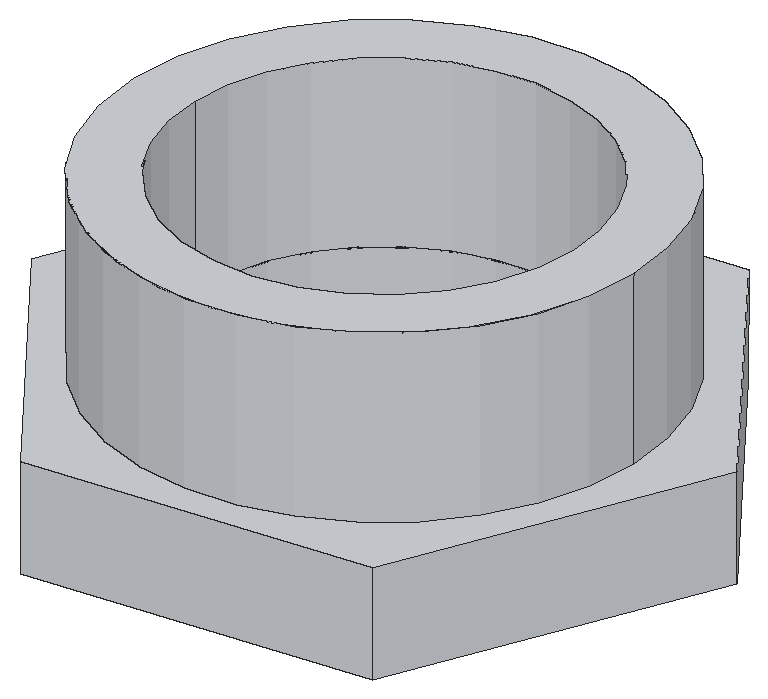
Revit family "PMB25W", category Generic Models, Revit 2017
Family settings
  Can host rebar = No
  Round Connector Dimension = Use Diameter
  Part Type = Normal
  Work Plane-Based = Yes
  Always vertical = No
  Cut with Voids When Loaded = No
  Shared = No
  Room Calculation Point = No
Parameters (values of type "NBS Standard Parameters")
  Weight = "0.045Kg"
  WarrantyStartDate [instance] = "1900-12-31T23:59:59"
  WarrantyGuarantorParts = "n/a"
  WarrantyGuarantorLabor = "n/a"
  WarrantyDurationUnit = "1 year"
  WarrantyDurationParts = "n/a"
  WarrantyDurationLabor = "n/a"
  WarrantyDescription = "n/a"
  Version = "1"
  Uniclass2 = "Pr_65_70_11_20"
  TagNumber [instance] = "n/a"
  SustainabilityPerformance = "n/a"
  Size = "25mm"
  Shape = "Circular"
  SerialNumber [instance] = "n/a"
  Revision = "n/a"
  ReplacementCost = "n/a"
  ProductInformation = "www.metpro.co.uk/pdf/pmb25w.pdf"
  NominalWidth = 29.5 mm
  NominalLength = 29.5 mm
  NominalHeight = 13.5 mm
  Name = ""
  NBSTypeID = ""
  NBSReference = "90-55-10/460"
  NBSOfficeMasterTag = ""
  NBSNote = ""
  NBSDescription = "Conduit Fittings"
  NBSCertification = ""
  ModelReference = "PMB25B"
  ModelNumber = "n/a"
  Material = "PVC"
  ManufacturerURL = "www.metpro.co.uk"
  ManufacturerName = "Metpro Ltd"
  Keynote = "Manufactured to BS4607 Part 1"
  InstallationDate [instance] = "1900-12-31T23:59:59"
  IfcExportType = ""
  IfcExportAs = ""
  Grade = "n/a"
  Finish = "Black"
  Features = "n/a"
  ExpectedLife = "n/a"
  DurationUnit = "year"
  Description = "PMB25B-  25mm PVC Male Bush Screwed"
  Default Elevation = 1219.2 mm
  Constituents = "n/a"
  Color = "n/a"
  CodePerformance = "n/a"
  Category = "n/a"
  BarCode [instance] = "n/a"
  BIMObjectName = "Metpro_Metprolibrary_Conduitfittings_pvccomponents_accessory"
  Author = "Metpro Ltd"
  AssetType = ""
  AssetIdentifier [instance] = "n/a"
  AccessibilityPerformance = "n/a"
Reference planes
  plane 1 "Center (Front/Back)": y = 0
  plane 2: z = 0
  plane 3 "Center (Left/Right)": x = 0
Forms (mm)
  Extrusion 1, solid
    sketch origin (15, -196.328, 2.75) x (0, 1, 0) y (-1, 0, 0)
      loop
        circle (0, 0) r 12.5
      loop
        circle (0, 0) r 9.5
    from 1 to 9.5
  Extrusion 2, solid
    sketch origin (15, -196.328, 2.75) x (0, 1, 0) y (-1, 0, 0)
      loop
        circle (0, 0) r 9.5
      loop
        line (-1.97, 16.045) -> (-14.88, 6.316) -> (-12.91, -9.728) -> (1.97, -16.045) -> (14.88, -6.316) -> (12.91, 9.728) -> (-1.97, 16.045)
    from -4 to 1
Dimensions and locks
  aligned and locked: level to plane 2
